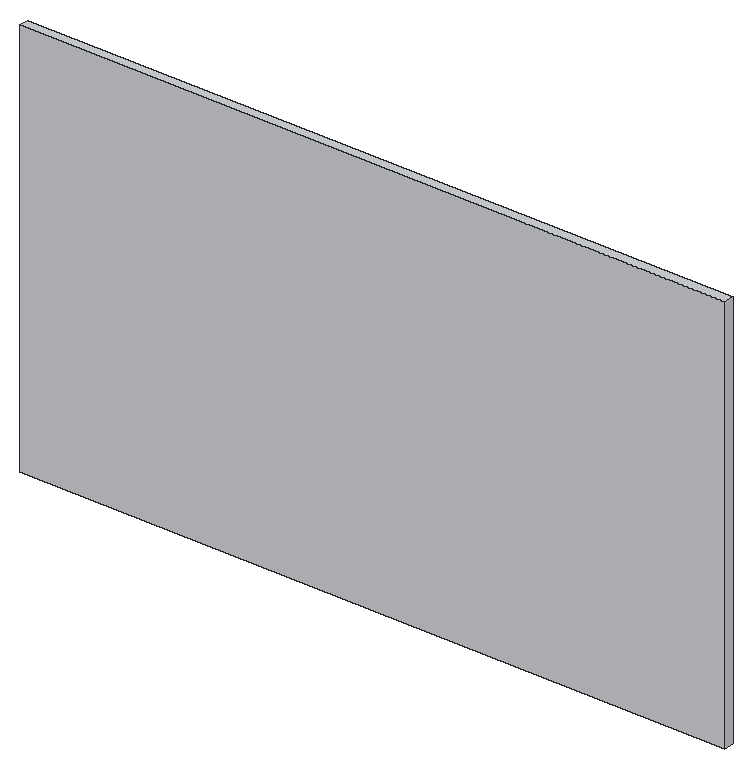
Revit family "OD_art", category Furniture, Revit 2015
Reference planes (in)
  plane 1 "Center Front/Back": y = 0
  plane 2: z = 0
  plane 3 "Center Left/Right": x = 0
Forms (in)
  Extrusion 1, solid
    sketch origin (0, 0, 0) x (1, 0, 0) y (0, 1, 0)
      loop
        line (-36, 1) -> (-36, 0) -> (36, 0) -> (36, 1) -> (-36, 1)
    from 33.93223 to 74.79776
Lines and regions (in)
  model lines
    curve 1: line (-3.87409, 0, 74.79776) -> (-23.80554, 0, 33.93223)
    curve 2: circle (-12.71473, 0, 65.88724) r 0.44444 normal (0, -1, 0)
    curve 3: line (-2.42639, 0, 74.79776) -> (-26.02011, 0, 33.93223)
    curve 4: circle (-7.75505, 0, 62.23243) r 1.33333 normal (0, -1, 0)
    curve 5: circle (-7.42639, 0, 64.41641) r 0.44444 normal (0, -1, 0)
    curve 6: circle (-13.12647, 0, 63.95647) r 0.66667 normal (0, -1, 0)
    curve 7: circle (-9.27693, 0, 50.04115) r 0.88889 normal (0, -1, 0)
    curve 8: circle (-4.66064, 0, 53.04522) r 0.44444 normal (0, -1, 0)
    curve 9: circle (-9.49096, 0, 48.46686) r 0.44444 normal (0, -1, 0)
    curve 10: circle (-8.23202, 0, 51.07115) r 0.44444 normal (0, -1, 0)
    curve 11: circle (-10.08219, 0, 46.91984) r 0.5 normal (0, -1, 0)
    curve 12: circle (-8.23202, 0, 48.83413) r 0.5194 normal (0, -1, 0)
    curve 13: circle (-9.65184, 0, 52.95391) r 1.5 normal (0, -1, 0)
    curve 14: circle (-8.60941, 0, 60.13554) r 0.53371 normal (0, -1, 0)
Dimensions and locks (in)
  aligned and locked: level to plane 2
